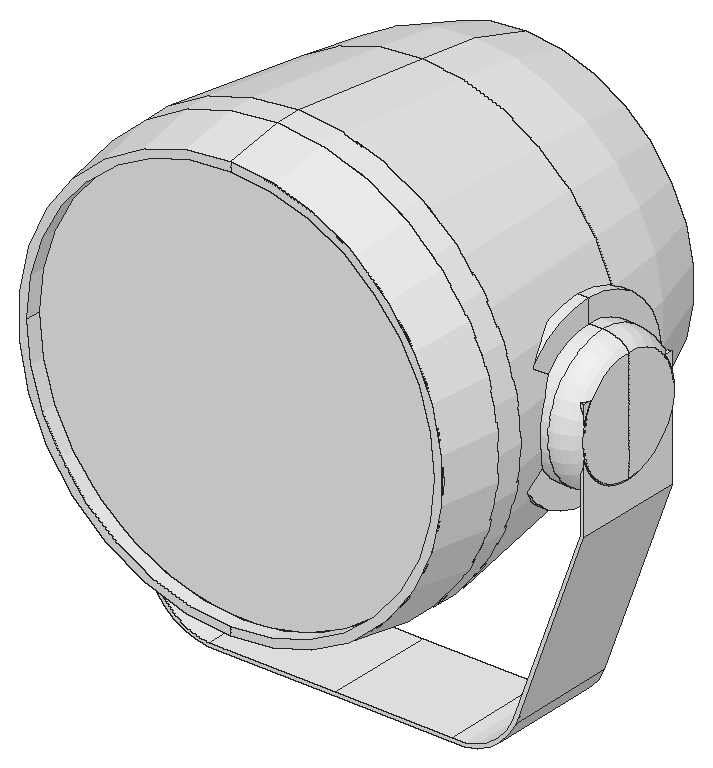
Revit family "Lighting-Accent-Acclaim-Dyna Drum EO Color", category Lighting Fixtures, host Face, Revit 2015
Parameters
  Width = 8.80078"
  Wattage = 9.2903 W
  built-in parameter 1150110 = 1 (stored number, unit not read)
  Voltage = 0 V
  URL = "http://www.acclaimlighting.com/"
  built-in parameter 1114217 = 1 (stored number, unit not read)
  Tilt Angle = -90.00°
  built-in parameter 1150109 = 1 (stored number, unit not read)
  built-in parameter 1150134 = 3
  built-in parameter 1150113 = 1 (stored number, unit not read)
  Power Factor = 1
  Photometric Web File = "generic"
  Number of Poles = 1
  built-in parameter 1150142 = (empty or 0)
  Model = "Dyna Drum EO Color"
  Manufacturer = "Acclaim Lighting"
  built-in parameter 1150105 = 109.82 (stored number, unit not read)
  Lumens = 1380 lm
  built-in parameter 1150115 = 1 (stored number, unit not read)
  built-in parameter 1150137 = (empty or 0)
  built-in parameter 1150139 = (empty or 0)
  Length = 6.48828"
  built-in parameter 1150112 = 1 (stored number, unit not read)
  built-in parameter 1150114 = 1 (stored number, unit not read)
  Lamp = "LED"
  built-in parameter 1150132 = (empty or 0)
  built-in parameter 1150102 = (empty or 0)
  built-in parameter 1150107 = 3200 (stored number, unit not read)
  built-in parameter 1150138 = (empty or 0)
  built-in parameter 1150106 = 1.0982 (stored number, unit not read)
  Housing Finish = Aluminum
  Height = 9.60"
  Emit from Circle Diameter = 7.00"
  Emit Shape Visible in Rendering = no
  built-in parameter 1150104 = 13.8 (stored number, unit not read)
  Dimming Lamp Color Temperature Shift = <None>
  Description = "Accent Fixture"
  Default Elevation = 48.00"
  Color Filter = 16777215
  built-in parameter 1114218 = 1 (stored number, unit not read)
  built-in parameter 1150133 = 10 (stored number, unit not read)
  Apparent Load = 0 VA
Reference planes (in)
  plane 1 "Center (Front/Back)": y = 0
  plane 2: z = 0
  plane 3 "Center (Left/Right)": x = 0
  plane 4: z = 9.6
  plane 5: z = 15.7
  plane 6: x = 0
  plane 7: z = 9.2
  plane 8: x = -4.40039
  plane 9: x = 4.40039
  plane 10: y = 3.24414
  plane 11: y = -3.24414
Forms (in)
  Revolve 1, solid, material "Aluminum" <- "Housing Finish"
    sketch origin (0, 0, -3.5) x (0, 1, 0) y (0, 0, 1)
      loop
        line (-3.25, 12.95) -> (-3.25, 9.2) -> (3.25, 9.2) -> (3.25, 12.17297)
        arc (3.25, 12.17297) -> (2.13766, 12.55268) -> (0.97615, 12.73258) r 6.71334
        line (0.97615, 12.73258) -> (-1.74708, 13.1153) -> (-2.2228, 13.1153) -> (-3.25, 12.95)
      axis (-3.25, 9.2) -> (3.25, 9.2)
    angle from 0 to 360
  Revolve 2, solid, material "Aluminum" <- "Housing Finish"
    sketch origin (0, 0, -3.5) x (1, 0, 0) y (0, 0, 1)
      loop
        line (4.41934, 9.06446) -> (4.41934, 10.06446)
        arc (4.41934, 10.06446) -> (4.21946, 10.22736) -> (3.96618, 10.27577) r 0.52626
        line (3.96618, 10.27577) -> (3.71618, 10.27577) -> (3.71618, 10.67747) -> (3.53341, 10.67747) -> (3.53341, 9.06446) -> (4.41934, 9.06446)
      axis (3.53341, 9.06446) -> (4.41934, 9.06446)
    angle from 0 to 360
  Revolve 3, solid, material "Aluminum" <- "Housing Finish"
    sketch origin (0, 0, -3.5) x (-1, 0, 0) y (0, 0, 1)
      loop
        line (4.41934, 9.06446) -> (4.41934, 10.06446)
        arc (4.41934, 10.06446) -> (4.21946, 10.22736) -> (3.96618, 10.27577) r 0.52626
        line (3.96618, 10.27577) -> (3.71618, 10.27577) -> (3.71618, 10.67747) -> (3.53341, 10.67747) -> (3.53341, 9.06446) -> (4.41934, 9.06446)
      axis (3.53341, 9.06446) -> (4.41934, 9.06446)
    angle from 0 to 360
  Extrusion 4, solid, material "Aluminum" <- "Housing Finish"
    sketch origin (0, 0, 0) x (1, 0, 0) y (0, 0, 1)
      loop
        line (-4.46618, 6.1548) -> (-4.46618, 4.0375) -> (-3.23446, 0.7436)
        arc (-3.23446, 0.7436) -> (-2.84461, 0.22275) -> (-2.23597, -0.00678) r 1.16031
        line (-2.23597, -0.00678) -> (0, -0.00678) -> (2.05858, -0.00678)
        arc (2.05858, -0.00678) -> (2.74595, 0.1562) -> (3.21141, 0.6876) r 1.16031
        line (3.21141, 0.6876) -> (4.40368, 4.0375) -> (4.40368, 6.1548) -> (4.34118, 6.1548) -> (4.34118, 4.05136) -> (3.15002, 0.70458)
        arc (3.15002, 0.70458) -> (2.70867, 0.20774) -> (2.06149, 0.05677) r 1.0973
        line (2.06149, 0.05677) -> (0, 0.05677) -> (-2.23352, 0.05677)
        arc (-2.23352, 0.05677) -> (-2.80782, 0.27431) -> (-3.17529, 0.76636) r 1.0973
        line (-3.17529, 0.76636) -> (-4.40368, 4.05136) -> (-4.40368, 6.1548) -> (-4.46618, 6.1548)
    from -0.97615 to 0.95624
  Extrusion 5, void
    sketch origin (0, 0, -3.5) x (1, 0, 0) y (0, 0, 1)
      loop
        circle (0, 9.2) r 3.60416
    from 2.98826 to 3.25
Cuts and joins
  Extrusion 5 cuts Revolve 1
Dimensions and locks (in)
  equal spacing: plane 9, plane 3 "Center (Left/Right)", plane 8
  "Width": plane 9 to plane 8
  "Height": plane 4 to host face
  equal spacing: plane 10, plane 1 "Center (Front/Back)", plane 11
  "Length": plane 10 to plane 11
  aligned and locked: plane 2 to host face
  aligned and locked: level to host face
Automatic sketch dimensions
  host sketch curve to host sketch curve = 96.00"  (x2)
  Revolve 1 sketch curve to plane 7 = 3.50"  (x2)
  plane 5 to Revolve 1 sketch curve = 6.25"
  plane 1 "Center (Front/Back)" to Revolve 1 sketch curve = 3.25"
  plane 5 to Revolve 1 sketch curve = 6.0847"
  Revolve 1 sketch curve to Revolve 1 sketch curve = 1.0272"
  Revolve 1 sketch curve to Revolve 1 sketch curve = 0.47571"
  Revolve 1 sketch curve to plane 1 "Center (Front/Back)" = 0.53335"
  plane 5 to Revolve 1 sketch curve = 6.46742"
  Revolve 1 sketch curve to plane 1 "Center (Front/Back)" = 0.97615"
  plane 5 to Revolve 1 sketch curve = 7.02703"
  Revolve 1 sketch curve to Revolve 1 sketch curve = 2.27385"
  Revolve 1 sketch curve to Revolve 1 sketch curve = 0.00"
  Revolve 1 sketch curve to Revolve 1 sketch curve = 5.25"
  Revolve 2 sketch curve to plane 7 = 3.63554"  (x2)
  Revolve 2 sketch curve to plane 9 = 0.86698"
  Revolve 2 sketch curve to Revolve 2 sketch curve = 0.18277"
  Revolve 2 sketch curve to Revolve 2 sketch curve = 0.25"
  Revolve 2 sketch curve to plane 9 = 0.40334"
  plane 9 to Revolve 2 sketch curve = 0.01895"
  Revolve 2 sketch curve to plane 7 = 2.94959"
  Revolve 2 sketch curve to Revolve 2 sketch curve = 0.31405"
  Revolve 2 sketch curve to Revolve 2 sketch curve = 0.40171"
  Revolve 2 sketch curve to Revolve 2 sketch curve = 0.00"
  Revolve 2 sketch curve to Revolve 2 sketch curve = 0.96247"
  plane 7 to Revolve 3 sketch curve = 3.63554"  (x2)
  Revolve 3 sketch curve to plane 8 = 0.86698"
  Revolve 3 sketch curve to Revolve 3 sketch curve = 0.18277"
  Revolve 3 sketch curve to Revolve 3 sketch curve = 0.25"
  Revolve 3 sketch curve to plane 8 = 0.40334"
  plane 8 to Revolve 3 sketch curve = 0.01895"
  plane 7 to Revolve 3 sketch curve = 2.94959"
  Revolve 3 sketch curve to Revolve 3 sketch curve = 0.31405"
  Revolve 3 sketch curve to Revolve 3 sketch curve = 0.40171"
  Revolve 3 sketch curve to Revolve 3 sketch curve = 0.00"
  Revolve 3 sketch curve to Revolve 3 sketch curve = 0.96247"
  Extrusion 5 sketch curve to plane 3 "Center (Left/Right)" = 0.00"
  Extrusion 5 sketch curve to plane 7 = 3.50"
  Extrusion 4 sketch curve to plane 3 "Center (Left/Right)" = 0.00"  (x2)
  Extrusion 4 sketch curve to plane 3 "Center (Left/Right)" = 2.14728"
  Extrusion 4 sketch curve to Extrusion 4 sketch curve = 0.00023"  (x2)
  level to Extrusion 4 sketch curve = 0.05677"
  Extrusion 4 sketch curve to Extrusion 4 sketch curve = 0.08624"
  Extrusion 4 sketch curve to level = 0.00678"
  Extrusion 4 sketch curve to Extrusion 4 sketch curve = 0.00245"
  level to Extrusion 4 sketch curve = 0.76636"
  Extrusion 4 sketch curve to Extrusion 4 sketch curve = 1.02779"
  Extrusion 4 sketch curve to plane 8 = 0.00329"
  Extrusion 4 sketch curve to Extrusion 4 sketch curve = 0.0625"
  plane 3 "Center (Left/Right)" to Extrusion 4 sketch curve = 2.05858"
  Extrusion 4 sketch curve to Extrusion 4 sketch curve = 0.00291"
  Extrusion 4 sketch curve to Extrusion 4 sketch curve = 0.08578"
  level to Extrusion 4 sketch curve = 0.70458"
  Extrusion 4 sketch curve to Extrusion 4 sketch curve = 1.00275"
  Extrusion 4 sketch curve to plane 9 = 0.05921"
  plane 9 to Extrusion 4 sketch curve = 0.00329"
  Extrusion 4 sketch curve to Extrusion 4 sketch curve = 0.00055"  (x2)
  Extrusion 4 sketch curve to Extrusion 4 sketch curve = 3.27114"
  Extrusion 4 sketch curve to Extrusion 4 sketch curve = 3.34678"
  Extrusion 4 sketch curve to Extrusion 4 sketch curve = 0.01386"  (x2)
  Extrusion 4 sketch curve to Extrusion 4 sketch curve = 2.10344"  (x2)
  Extrusion 4 sketch curve to Extrusion 4 sketch curve = 0.05917"
  Extrusion 4 sketch curve to Extrusion 4 sketch curve = 0.00037"
  Extrusion 4 sketch curve to Extrusion 4 sketch curve = 0.06139"
  Extrusion 4 sketch curve to Extrusion 4 sketch curve = 0.00014"
  radius of Extrusion 5 sketch curve = 3.60416"
Connectors (in)
  electrical at (0, 3.25, 5.7), driven by "Number of Poles", driven by "Voltage", driven by "Apparent Load", driven by "Power Factor"
    settings: on cut or joined group of Revolve 1, Extrusion 5, index 1, voltage 0 V, apparent load 0 VA, apparent load phase1 0 VA, apparent load phase2 0 VA, apparent load phase3 0 VA, power factor 1, load classification "Other", number of poles 1, system type 31, power factor state 1, is connector primary yes, connector utility no, sub classification motor no, connector description ""
